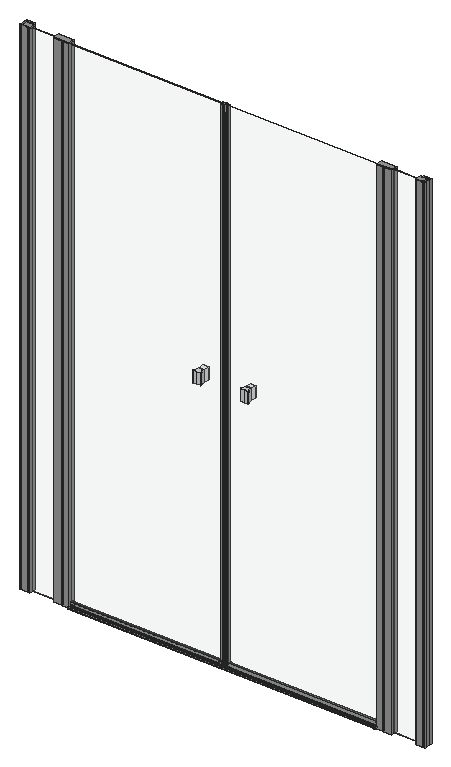
Revit family "Sanitary_Shower-screens_Duscholux_D2Swing_Two-fixed-segments+pivot-twin-doors-shower", category Aparatos sanitarios, Revit 2019
Family settings
  Cota de conector redondo = Diámetro de uso
  Tipo de pieza = Normal
  Número OmniClass = 23.45.00.00
  Título OmniClass = Sanitary, Laundry, and Cleaning Equipment
  Se basa en plano de trabajo = No
  Siempre vertical = Sí
  Corte con vacíos al cargar = No
  Compartido = No
  Punto de cálculo de habitación = No
Parameters (values of type "Shiny Silver Aluminium Finish")
  Width fixed segment = 180 mm
  Width = 1600 mm
  Visibility Wall Support = if(Min Max Width fixed segment < 240 mm, 2 < 1, 2 > 1)  # no
  URL = "http://www.duscholux.es/"
  Thickness Glass = 5 mm  # constant formula
  Technical Inspection Certificate (Applus) = "https://www.duscholux.es/es/Descargas/"
  Series = "D2"
  Ref. = "S3C"
  Products = "http://www.duscholux.es/mamparas_filtro.aspx?es"
  Opening right angle = 0.00°
  Opening left angle = 0.00°
  Opening System Image = "http://blob.duscholux.es/pluma512/FD2f2pabatible180.gif"
  Opening System = "Pivot Doors"
  Modelo = "D2 Swing"
  Min Max Width fixed segment = if(Width fixed segment < 180 mm, 180 mm, if(Width fixed segment > 450 mm, 450 mm, Width fixed segment))  # 180 mm
  Min Max Width = if(Width < 1200 mm, 1200 mm, if(Width > 2000 mm, 2000 mm, Width))  # 1600 mm
  Max Height = if(Height > 2000 mm, 2000 mm, Height)  # 2000 mm
  Maintenance and Cleaning = "https://www.duscholux.es/es/Cuidado-y-limpieza/"
  Image = "https://www.duscholux.es/medium/D2_SWING_FD_2F_2P_PLATA_AI.jpg?m=7416&w=960&h=768&g=0"
  Height = 2000 mm
  Handle Material = Zamac_Duscholux Material-Chrome Finish
  Handle Height = Max Height / 2  # 1000 mm
  Glass in Building UNE EN 12150 = "CE Conformity marking"
  Glass Material = Glass_Material-Duscholux
  Frame Material = Anodized Aluminium_Duscholux Material-Shiny Silver Finish
  Fact Sheet = "https://www.duscholux.es/es/Producto/D2-Swing-Frontal-para-ducha-de-2-fijos-2-puertas-abatibles-180%C2%BA"
  Fabricante = "Duscholux Ibérica, S.A."
  Environmental Management ISO 14001 = "ECOEMBES Certificate"
  Door aperture = (Min Max Width / 2) - Width fixed segment  # 620 mm
  Descripción = "2 fixed segments + pivot twin doors at 180º for shower"
  Código de montaje = "C1030200"
  Configuration enclosure = "http://configuratumampara.duscholux.es/eCatalogo.aspx"
  Components = "Eropean components"
  Type Comments = ""
  Combinations = "Lateral 90°"
  Certified Quality UNE EN 14428 = "http://www.duscholux.es/duscholux_downloads.aspx?es"
  Accesories Material = Plastic_Duscholux Material-Gray Finish
Types (4, lengths in mm): name | Handle Material | Frame Material | Accesories Material
  (no name) | Zamac_Duscholux Material-Chrome Finish | Anodized Aluminium_Duscholux Material-Shiny Silver Finish | Plastic_Duscholux Material-Gray Finish
  Matte Silver Aluminium Finish | Zamac_Duscholux Material-Matte Silver Finish | Anodized Aluminium_Duscholux Material-Matte Silver Finish | Plastic_Duscholux Material-Gray Finish
  Shiny Silver Aluminium Finish | Zamac_Duscholux Material-Chrome Finish | Anodized Aluminium_Duscholux Material-Shiny Silver Finish | Plastic_Duscholux Material-Gray Finish
  Black Aluminium Finish | Anodized Aluminium_Duscholux Material-Black Finish | Anodized Aluminium_Duscholux Material-Black Finish | Plastic_Duscholux Material-Black Finish
Reference planes
  plane 1 "Centro (Frontal/Posterior)": y = 0
  plane 2: z = 0
  plane 3 "Centro (Izquierda/Derecha)": x = 0
  plane 4: x = 180
  plane 5: z = 2000
  plane 6: z = 1000
  plane 7: z = 0
  plane 8: z = 8
  plane 9: y = -15.3
  plane 10: x = 800
  plane 11: z = 1996
  plane 12: x = 1600
  plane 13: x = 1420
  plane 14: y = 2.5
  plane 15: y = 2.5
  plane 16: y = -2.5
  plane 17: z = 1992
  plane 18: z = 6
Forms (mm)
  Extrusion 1, solid, material "Plástico, transparente"
    sketch origin (180, 0, 0) x (1, 0, 0) y (0, 1, 0)
      loop
        arc (618.531, 6.231) -> (614.357, 6.175) -> (610.886, 3.855) r 7.349
        line (610.886, 3.855) -> (606.563, 3.855) -> (606.563, 2.855) -> (611.6, 2.855) -> (611.6, -2.855) -> (606.563, -2.855) -> (606.563, -3.855) -> (610.886, -3.855)
        arc (610.886, -3.855) -> (614.365, -6.175) -> (618.547, -6.226) r 7.362
        arc (618.547, -6.226) -> (619.598, -5.51) -> (620, -4.303) r 1.989
        line (620, -4.303) -> (620, 4.303)
        arc (620, 4.303) -> (619.591, 5.515) -> (618.531, 6.231) r 2
    from 0 to 1992
  Extrusion 2, solid, material "Glass_Material-Duscholux" <- "Glass Material"
    sketch origin (180, 0, 0) x (1, 0, 0) y (0, 1, 0)
      loop
        line (-2.879, 2.5) -> (-2.879, -2.5) -> (611.6, -2.5) -> (611.6, 2.5) -> (-2.879, 2.5)
    from 8 to 1992
  Extrusion 3, solid, material "Glass_Material-Duscholux" <- "Glass Material"
    sketch origin (0, 2.21, 0) x (1, 0, 0) y (0, 1, 0)
      loop
        line (23.523, 0.29) -> (23.523, -4.71) -> (148.322, -4.71) -> (148.322, 0.29) -> (23.523, 0.29)
    from 0 to 1996
  Extrusion 4, solid, material "Glass_Material-Duscholux" <- "Glass Material"
    sketch origin (1573.567, 2.21, 0) x (1, 0, 0) y (0, 1, 0)
      loop
        line (-121.889, 0.29) -> (-121.889, -4.71) -> (2.91, -4.71) -> (2.91, 0.29) -> (-121.889, 0.29)
    from 0 to 1996
  Extrusion 5, solid, material "Glass_Material-Duscholux" <- "Glass Material"
    sketch origin (1420, 0, 0) x (-1, 0, 0) y (0, -1, 0)
      loop
        line (611.6, -2.5) -> (611.6, 2.5) -> (-2.879, 2.5) -> (-2.879, -2.5) -> (611.6, -2.5)
    from 8 to 1992
  Extrusion 6, solid, material "Plástico, transparente"
    sketch origin (1420, 0, 0) x (-1, 0, 0) y (0, -1, 0)
      loop
        arc (618.531, -6.231) -> (619.591, -5.515) -> (620.031, -4.303) r 2
        line (620.031, -4.303) -> (620, 4.303)
        arc (620, 4.303) -> (619.598, 5.51) -> (618.547, 6.226) r 1.989
        arc (618.547, 6.226) -> (614.365, 6.175) -> (610.886, 3.855) r 7.362
        line (610.886, 3.855) -> (606.563, 3.855) -> (606.563, 2.855) -> (611.6, 2.855) -> (611.6, -2.855) -> (606.563, -2.855) -> (606.563, -3.855) -> (610.886, -3.855)
        arc (610.886, -3.855) -> (614.357, -6.175) -> (618.531, -6.231) r 7.349
    from 0 to 1992
  Extrusion 7, solid, material "Anodized Aluminium_Duscholux Material-Shiny Silver Finish" <- "Frame Material", detail levels fine
    sketch origin (0, 48.661, 0) x (0, 1, 0) y (0, 0, 1)
      loop
        line (-65.232, 0) -> (-55.632, 0) -> (-55.632, 3)
        arc (-55.632, 3) -> (-56.217, 4.414) -> (-57.632, 5) r 2
        line (-57.632, 5) -> (-63.232, 5)
        arc (-63.232, 5) -> (-64.646, 4.414) -> (-65.232, 3) r 2
        line (-65.232, 3) -> (-65.232, 0)
    from 192.121 to 1407.879
  Extrusion 8, solid, material "Anodized Aluminium_Duscholux Material-Shiny Silver Finish" <- "Frame Material"
    sketch origin (0, 0, 0) x (1, 0, 0) y (0, 1, 0)
      loop
        line (31.022, 19.101) -> (0, 19.101) -> (0, 10.795) -> (1.8, 10.795) -> (1.8, -11.392) -> (0, -11.392) -> (0, -13.192) -> (31.022, -13.192) -> (31.022, -11.799) -> (3.1, -11.799) -> (3.1, 11.801) -> (31.022, 11.801) -> (31.022, 19.101)
    from 0 to 2000
  Extrusion 9, solid, material "Anodized Aluminium_Duscholux Material-Shiny Silver Finish" <- "Frame Material"
    sketch origin (0, 0, 0) x (1, 0, 0) y (0, 1, 0)
      loop
        line (133.322, 11.5) -> (133.322, 3.35) -> (148.322, 3.35) -> (148.322, -3.35) -> (133.322, -3.35) -> (133.322, -11.5) -> (163.432, -11.5) -> (163.432, -10.023) -> (164.058, -10.648)
        arc (164.058, -10.648) -> (165.114, -10.929) -> (165.329, -9.857) r 0.75
        arc (165.329, -9.857) -> (162.325, 0.003) -> (165.333, 9.862) r 17.675
        arc (165.333, 9.862) -> (165.116, 10.929) -> (164.062, 10.656) r 0.75
        line (164.062, 10.656) -> (163.432, 10.026) -> (163.432, 11.5) -> (133.322, 11.5)
    from 0 to 1996
  Extrusion 10, solid, material "Anodized Aluminium_Duscholux Material-Shiny Silver Finish" <- "Frame Material"
    sketch origin (0, 0, 0) x (1, 0, 0) y (0, 1, 0)
      loop
        line (1600, 19.101) -> (1568.978, 19.101) -> (1568.978, 11.801) -> (1596.9, 11.801) -> (1596.9, -11.799) -> (1568.978, -11.799) -> (1568.978, -13.192) -> (1600, -13.192) -> (1600, -11.392) -> (1598.2, -11.392) -> (1598.2, 10.795) -> (1600, 10.795) -> (1600, 19.101)
    from 0 to 2000
  Extrusion 11, solid, material "Anodized Aluminium_Duscholux Material-Shiny Silver Finish" <- "Frame Material"
    sketch origin (0, 0, 0) x (1, 0, 0) y (0, 1, 0)
      loop
        line (1591.61, 11.501) -> (1561.5, 11.501) -> (1561.5, 3.349) -> (1576.477, 3.349) -> (1576.477, -3.349) -> (1561.5, -3.349) -> (1561.5, -11.499) -> (1591.61, -11.499) -> (1591.206, -10.199) -> (1584.3, -10.199) -> (1584.3, 10.201) -> (1591.206, 10.201) -> (1591.61, 11.501)
    from 0 to 1996
  Extrusion 12, solid, material "Anodized Aluminium_Duscholux Material-Shiny Silver Finish" <- "Frame Material"
    sketch origin (0, 0, 0) x (1, 0, 0) y (0, 1, 0)
      loop
        line (1436.568, 11.5) -> (1436.568, 10.026) -> (1435.938, 10.656)
        arc (1435.938, 10.656) -> (1434.884, 10.929) -> (1434.667, 9.862) r 0.75
        arc (1434.667, 9.862) -> (1437.675, 0.003) -> (1434.671, -9.857) r 17.675
        arc (1434.671, -9.857) -> (1434.886, -10.929) -> (1435.942, -10.648) r 0.75
        line (1435.942, -10.648) -> (1436.568, -10.023) -> (1436.568, -11.5) -> (1466.678, -11.5) -> (1466.678, -3.35) -> (1451.678, -3.35) -> (1451.678, 3.35) -> (1466.678, 3.35) -> (1466.678, 11.5) -> (1436.568, 11.5)
    from 0 to 1996
  Extrusion 13, solid, material "Anodized Aluminium_Duscholux Material-Shiny Silver Finish" <- "Frame Material"
    sketch origin (0, 0, 0) x (1, 0, 0) y (0, 1, 0)
      loop
        line (38.5, 11.501) -> (8.39, 11.501) -> (8.794, 10.201) -> (15.7, 10.201) -> (15.7, -10.199) -> (8.794, -10.199) -> (8.39, -11.499) -> (38.523, -11.499) -> (38.523, -3.349) -> (23.523, -3.349) -> (23.523, 3.349) -> (38.5, 3.349) -> (38.5, 11.501)
    from 0 to 1996
  Extrusion 14, solid, material "Anodized Aluminium_Duscholux Material-Shiny Silver Finish" <- "Frame Material"
    sketch origin (180, 0, 0) x (1, 0, 0) y (0, 1, 0)
      loop
        arc (-11.626, 11.499) -> (-12.99, 11.17) -> (-14.056, 10.257) r 3
        arc (-14.056, 10.257) -> (-17.379, -0.001) -> (-14.056, -10.26) r 17.5
        arc (-14.056, -10.26) -> (-12.99, -11.173) -> (-11.626, -11.501) r 3
        line (-11.626, -11.501) -> (12.121, -11.501) -> (12.121, -3.349) -> (-2.879, -3.349) -> (-2.879, 3.349) -> (12.121, 3.349) -> (12.121, 11.499) -> (-11.626, 11.499)
    from 0 to 1996
  Extrusion 15, solid, material "Anodized Aluminium_Duscholux Material-Shiny Silver Finish" <- "Frame Material"
    sketch origin (1420, 0, 0) x (-1, 0, 0) y (0, -1, 0)
      loop
        line (-11.626, -11.499) -> (12.121, -11.499) -> (12.121, -3.349) -> (-2.879, -3.349) -> (-2.879, 3.349) -> (12.121, 3.349) -> (12.121, 11.501) -> (-11.626, 11.501)
        arc (-11.626, 11.501) -> (-12.99, 11.173) -> (-14.056, 10.26) r 3
        arc (-14.056, 10.26) -> (-17.379, 0.001) -> (-14.056, -10.257) r 17.5
        arc (-14.056, -10.257) -> (-12.99, -11.17) -> (-11.626, -11.499) r 3
    from 0 to 1996
  Extrusion 16, solid, material "Anodized Aluminium_Duscholux Material-Shiny Silver Finish" <- "Frame Material"
    sketch origin (0, 0, 0) x (1, 0, 0) y (0, 1, 0)
      loop
        line (8.39, 11.501) -> (8.39, -11.499) -> (38.523, -11.499) -> (38.523, 11.501) -> (8.39, 11.501)
    from 1996 to 2000
  Extrusion 17, solid, material "Anodized Aluminium_Duscholux Material-Shiny Silver Finish" <- "Frame Material"
    sketch origin (0, 0, 0) x (1, 0, 0) y (0, 1, 0)
      loop
        line (133.322, 11.5) -> (133.322, -11.501) -> (192.121, -11.501) -> (192.121, 11.5) -> (133.322, 11.5)
    from 1996 to 2000
  Extrusion 18, solid, material "Anodized Aluminium_Duscholux Material-Shiny Silver Finish" <- "Frame Material"
    sketch origin (0, 0, 0) x (1, 0, 0) y (0, 1, 0)
      loop
        line (1407.879, 11.499) -> (1407.879, -11.5) -> (1466.678, -11.5) -> (1466.678, 11.499) -> (1407.879, 11.499)
    from 1996 to 2000
  Extrusion 19, solid, material "Anodized Aluminium_Duscholux Material-Shiny Silver Finish" <- "Frame Material"
    sketch origin (0, 0, 0) x (1, 0, 0) y (0, 1, 0)
      loop
        line (1561.5, 11.501) -> (1561.5, -11.499) -> (1591.61, -11.499) -> (1591.61, 11.501) -> (1561.5, 11.501)
    from 1996 to 2000
Lines and regions (mm)
  reference lines
    curve 1: line (180, 0, 0) -> (800, 0, 0)
    curve 2: line (1420, 0, 0) -> (800, 0, 0)
  symbolic lines
    curve 3: line (180, 0, 0) -> (180, 620, 0)
    curve 4: line (180, 0, 0) -> (180, -620, 0)
    curve 5: arc (180, 620, 0) -> (800, 0, 0) -> (180, -620, 0) r 620
    curve 6: line (1420, 0, 0) -> (1420, 620, 0)
    curve 7: line (1420, 0, 0) -> (1420, -620, 0)
    curve 8: arc (1420, 620, 0) -> (800, 0, 0) -> (1420, -620, 0) r 620
Dimensions and locks
  "Min Max Width fixed segment": plane 3 "Centro (Izquierda/Derecha)" to plane 4
  plane 8 to level = 8 mm
  "Max Height": plane 5 to level
  "Min Max Width": plane 3 "Centro (Izquierda/Derecha)" to plane 12
  "Handle Height": plane 6 to level
  locked: plane 5 to plane 11 at 4
  equal spacing: plane 3 "Centro (Izquierda/Derecha)", plane 10, plane 12
  "Door aperture": curve 1 to curve 1
  locked: plane 5 to plane 17 at 8
  "Min Max Width fixed segment": plane 13 to plane 12
  "Door aperture": curve 2 to curve 2
  locked: plane 18 to plane 7 at 6
  "Door aperture": curve 3 to curve 3
  "Door aperture": curve 4 to curve 4
  "Door aperture": curve 6 to curve 6
  "Door aperture": plane 1 "Centro (Frontal/Posterior)" to curve 7
  locked: plane 4 to Extrusion 7 at 12.121
  locked: Extrusion 7 to plane 13 at 12.121
  locked: nested 3 to Extrusion 2 at 85
  locked: nested 8 to Extrusion 2 at 85
  locked: Extrusion 5 to nested 4 at 85
  locked: Extrusion 5 to nested 7 at 85
  "Opening left angle": angle curve 1 to plane 1 "Centro (Frontal/Posterior)"
  "Opening right angle": angle plane 1 "Centro (Frontal/Posterior)" to curve 2
  aligned and locked: level to plane 2
  aligned and locked: plane 1 "Centro (Frontal/Posterior)" to curve 1
  aligned and locked: Extrusion 1 to plane 7
  aligned and locked: Extrusion 1 to Extrusion 2
  aligned and locked: Extrusion 2 to plane 8
  aligned and locked: nested 1 to Extrusion 1
  aligned and locked: plane 17 to Extrusion 2
  aligned and locked: plane 13 to curve 2
  aligned and locked: plane 17 to Extrusion 5
  aligned and locked: Extrusion 5 to plane 8
  aligned and locked: plane 17 to Extrusion 6
  aligned and locked: Extrusion 6 to nested 2
  aligned and locked: plane 4 to curve 1
  aligned and locked: Extrusion 3 to Extrusion 9
  aligned and locked: Extrusion 4 to Extrusion 11
  aligned and locked: Extrusion 4 to Extrusion 12
  aligned and locked: Extrusion 3 to Extrusion 13
  aligned and locked: Extrusion 2 to Extrusion 14
  aligned and locked: Extrusion 5 to Extrusion 15
  aligned and locked: plane 5 to Extrusion 8
  aligned and locked: plane 11 to Extrusion 13
  aligned and locked: plane 11 to Extrusion 9
  aligned and locked: plane 11 to Extrusion 14
  aligned and locked: plane 11 to Extrusion 15
  aligned and locked: plane 11 to Extrusion 12
  aligned and locked: plane 11 to Extrusion 3
  aligned and locked: plane 5 to Extrusion 10
  aligned and locked: plane 11 to Extrusion 11
  aligned and locked: Extrusion 19 to plane 11
  aligned and locked: Extrusion 18 to plane 11
  aligned and locked: Extrusion 17 to plane 11
  aligned and locked: Extrusion 16 to plane 11
  aligned and locked: plane 5 to Extrusion 16
  aligned and locked: plane 5 to Extrusion 17
  aligned and locked: plane 5 to Extrusion 19
  aligned and locked: plane 5 to Extrusion 18
  aligned and locked: plane 6 to nested 4
  aligned and locked: plane 6 to nested 3
  aligned and locked: nested 5 to plane 1 "Centro (Frontal/Posterior)"
  aligned and locked: plane 1 "Centro (Frontal/Posterior)" to nested 6
  aligned and locked: plane 11 to nested 5
  aligned and locked: plane 11 to Extrusion 4
  aligned and locked: nested 6 to plane 11
  aligned and locked: plane 6 to nested 8
  aligned and locked: plane 6 to nested 7
  aligned and locked: nested 6 to plane 12
Automatic sketch dimensions
  curve 1 to Extrusion 1 sketch curve = 0 mm
  Extrusion 1 sketch curve to curve 1 = 4.303 mm
  curve 1 to Extrusion 1 sketch curve = 4.303 mm
  Extrusion 1 sketch curve to curve 1 = 1.989 mm
  Extrusion 1 sketch curve to Extrusion 1 sketch curve = 2 mm
  Extrusion 1 sketch curve to curve 1 = 0.857 mm
  Extrusion 1 sketch curve to curve 1 = 3.458 mm
  curve 1 to Extrusion 1 sketch curve = 0.843 mm
  Extrusion 1 sketch curve to Extrusion 1 sketch curve = 0.004 mm
  Extrusion 1 sketch curve to Extrusion 1 sketch curve = 4.938 mm
  Extrusion 1 sketch curve to Extrusion 1 sketch curve = 0.714 mm  (x2)
  Extrusion 1 sketch curve to Extrusion 1 sketch curve = 4.323 mm  (x2)
  Extrusion 1 sketch curve to curve 1 = 4.311 mm
  curve 1 to Extrusion 1 sketch curve = 3.855 mm
  Extrusion 1 sketch curve to Extrusion 1 sketch curve = 1 mm  (x2)
  Extrusion 1 sketch curve to curve 1 = 2.855 mm
  Extrusion 2 sketch curve to curve 1 = 2.879 mm
  curve 1 to Extrusion 2 sketch curve = 2.5 mm
  Extrusion 2 sketch curve to curve 1 = 8.4 mm
  Extrusion 2 sketch curve to curve 1 = 2.5 mm
  Extrusion 3 sketch curve to plane 16 = 0 mm
  plane 3 "Centro (Izquierda/Derecha)" to Extrusion 3 sketch curve = 23.523 mm
  plane 4 to Extrusion 3 sketch curve = 31.678 mm
  Extrusion 3 sketch curve to plane 1 "Centro (Frontal/Posterior)" = 2.5 mm
  Extrusion 4 sketch curve to plane 16 = 0 mm
  plane 13 to Extrusion 4 sketch curve = 31.678 mm
  Extrusion 4 sketch curve to plane 12 = 23.523 mm
  Extrusion 4 sketch curve to plane 1 "Centro (Frontal/Posterior)" = 2.5 mm
  Extrusion 5 sketch curve to curve 2 = 2.879 mm
  Extrusion 5 sketch curve to curve 2 = 2.5 mm
  Extrusion 5 sketch curve to curve 2 = 8.4 mm
  curve 2 to Extrusion 5 sketch curve = 2.5 mm
  curve 2 to Extrusion 6 sketch curve = 0 mm  (x2)
  Extrusion 6 sketch curve to curve 2 = 4.303 mm  (x2)
  curve 2 to Extrusion 6 sketch curve = 4.303 mm  (x2)
  Extrusion 6 sketch curve to curve 2 = 1.989 mm
  Extrusion 6 sketch curve to Extrusion 6 sketch curve = 2 mm
  curve 2 to Extrusion 6 sketch curve = 0.857 mm
  Extrusion 6 sketch curve to curve 2 = 3.458 mm
  Extrusion 6 sketch curve to curve 2 = 0.843 mm
  Extrusion 6 sketch curve to Extrusion 6 sketch curve = 0.004 mm
  Extrusion 6 sketch curve to Extrusion 6 sketch curve = 4.938 mm
  Extrusion 6 sketch curve to Extrusion 6 sketch curve = 0.714 mm  (x2)
  Extrusion 6 sketch curve to Extrusion 6 sketch curve = 4.323 mm  (x2)
  curve 2 to Extrusion 6 sketch curve = 3.855 mm
  Extrusion 6 sketch curve to Extrusion 6 sketch curve = 1 mm  (x2)
  Extrusion 6 sketch curve to curve 2 = 2.855 mm
  Extrusion 6 sketch curve to Extrusion 6 sketch curve = 0.008 mm
  curve 2 to Extrusion 6 sketch curve = 0.031 mm
  Extrusion 7 sketch curve to level = 0 mm
  plane 9 to Extrusion 7 sketch curve = 1.27 mm
  Extrusion 7 sketch curve to Extrusion 7 sketch curve = 2 mm  (x2)
  Extrusion 7 sketch curve to Extrusion 7 sketch curve = 5.6 mm
  level to Extrusion 7 sketch curve = 3 mm
  Extrusion 8 sketch curve to plane 3 "Centro (Izquierda/Derecha)" = 0 mm  (x2)
  plane 3 "Centro (Izquierda/Derecha)" to Extrusion 8 sketch curve = 1.8 mm
  Extrusion 8 sketch curve to Extrusion 8 sketch curve = 1.3 mm
  Extrusion 8 sketch curve to plane 9 = 3.501 mm
  Extrusion 8 sketch curve to plane 9 = 2.108 mm
  Extrusion 8 sketch curve to Extrusion 8 sketch curve = 0.407 mm
  Extrusion 8 sketch curve to Extrusion 8 sketch curve = 7.3 mm
  Extrusion 9 sketch curve to plane 4 = 0 mm
  plane 14 to Extrusion 9 sketch curve = 7.793 mm
  plane 4 to Extrusion 9 sketch curve = 15.281 mm
  Extrusion 9 sketch curve to plane 9 = 5.008 mm
  plane 4 to Extrusion 9 sketch curve = 15.282 mm
  Extrusion 9 sketch curve to plane 9 = 4.652 mm
  Extrusion 9 sketch curve to Extrusion 9 sketch curve = 0.66 mm
  Extrusion 9 sketch curve to plane 9 = 5.277 mm
  Extrusion 9 sketch curve to Extrusion 9 sketch curve = 0.625 mm
  Extrusion 9 sketch curve to Extrusion 9 sketch curve = 1.286 mm
  plane 14 to Extrusion 9 sketch curve = 0.85 mm
  Extrusion 9 sketch curve to Extrusion 9 sketch curve = 15.11 mm
  Extrusion 9 sketch curve to plane 9 = 3.8 mm
  Extrusion 9 sketch curve to Extrusion 9 sketch curve = 15 mm
  Extrusion 9 sketch curve to Extrusion 9 sketch curve = 0 mm
  Extrusion 9 sketch curve to plane 16 = 0.85 mm
  plane 1 "Centro (Frontal/Posterior)" to Extrusion 9 sketch curve = 0 mm
  Extrusion 9 sketch curve to Extrusion 9 sketch curve = 1.207 mm
  Extrusion 9 sketch curve to Extrusion 9 sketch curve = 0.614 mm
  Extrusion 9 sketch curve to Extrusion 9 sketch curve = 0.611 mm
  Extrusion 9 sketch curve to Extrusion 9 sketch curve = 0.657 mm
  plane 14 to Extrusion 9 sketch curve = 7.526 mm
  Extrusion 10 sketch curve to plane 12 = 0 mm  (x2)
  Extrusion 10 sketch curve to Extrusion 10 sketch curve = 1.8 mm  (x2)
  Extrusion 10 sketch curve to Extrusion 10 sketch curve = 1.3 mm
  Extrusion 10 sketch curve to plane 9 = 3.501 mm
  Extrusion 10 sketch curve to Extrusion 10 sketch curve = 27.922 mm
  plane 14 to Extrusion 10 sketch curve = 9.301 mm
  Extrusion 10 sketch curve to Extrusion 10 sketch curve = 0 mm
  Extrusion 10 sketch curve to Extrusion 10 sketch curve = 1.393 mm
  Extrusion 10 sketch curve to Extrusion 10 sketch curve = 1.007 mm
  Extrusion 10 sketch curve to Extrusion 10 sketch curve = 7.3 mm
  Extrusion 11 sketch curve to plane 16 = 0.849 mm
  Extrusion 11 sketch curve to plane 12 = 38.5 mm
  Extrusion 11 sketch curve to Extrusion 11 sketch curve = 0 mm
  Extrusion 11 sketch curve to Extrusion 11 sketch curve = 14.977 mm
  Extrusion 11 sketch curve to Extrusion 11 sketch curve = 7.823 mm
  Extrusion 11 sketch curve to plane 9 = 3.801 mm
  plane 14 to Extrusion 11 sketch curve = 0.849 mm
  plane 14 to Extrusion 11 sketch curve = 7.701 mm
  Extrusion 11 sketch curve to Extrusion 11 sketch curve = 8.153 mm
  Extrusion 11 sketch curve to Extrusion 11 sketch curve = 6.906 mm  (x2)
  Extrusion 11 sketch curve to Extrusion 11 sketch curve = 0.404 mm  (x2)
  Extrusion 11 sketch curve to Extrusion 11 sketch curve = 1.3 mm
  Extrusion 12 sketch curve to plane 13 = 0 mm
  plane 14 to Extrusion 12 sketch curve = 7.793 mm
  plane 13 to Extrusion 12 sketch curve = 15.281 mm
  Extrusion 12 sketch curve to plane 9 = 5.008 mm
  Extrusion 12 sketch curve to Extrusion 12 sketch curve = 0.657 mm
  Extrusion 12 sketch curve to Extrusion 12 sketch curve = 0.63 mm
  Extrusion 12 sketch curve to Extrusion 12 sketch curve = 1.285 mm
  plane 14 to Extrusion 12 sketch curve = 0.85 mm
  Extrusion 12 sketch curve to Extrusion 12 sketch curve = 15.11 mm
  Extrusion 12 sketch curve to plane 16 = 0.85 mm
  Extrusion 12 sketch curve to Extrusion 12 sketch curve = 15 mm
  Extrusion 12 sketch curve to Extrusion 12 sketch curve = 0 mm
  Extrusion 12 sketch curve to plane 9 = 3.8 mm
  plane 1 "Centro (Frontal/Posterior)" to Extrusion 12 sketch curve = 0 mm
  Extrusion 12 sketch curve to Extrusion 12 sketch curve = 0.267 mm
  Extrusion 12 sketch curve to Extrusion 12 sketch curve = 0.363 mm
  Extrusion 12 sketch curve to Extrusion 12 sketch curve = 8.15 mm
  Extrusion 12 sketch curve to Extrusion 12 sketch curve = 0.614 mm
  Extrusion 12 sketch curve to Extrusion 12 sketch curve = 0.611 mm
  Extrusion 12 sketch curve to plane 9 = 4.652 mm
  Extrusion 12 sketch curve to Extrusion 12 sketch curve = 0.66 mm
  Extrusion 12 sketch curve to plane 9 = 5.277 mm
  Extrusion 8 sketch curve to Extrusion 8 sketch curve = 1.007 mm
  plane 14 to Extrusion 8 sketch curve = 8.295 mm
  Extrusion 8 sketch curve to Extrusion 8 sketch curve = 27.922 mm  (x2)
  Extrusion 13 sketch curve to plane 9 = 5.101 mm
  plane 3 "Centro (Izquierda/Derecha)" to Extrusion 13 sketch curve = 15.7 mm
  plane 14 to Extrusion 13 sketch curve = 0.849 mm
  Extrusion 13 sketch curve to Extrusion 13 sketch curve = 7.823 mm
  Extrusion 13 sketch curve to Extrusion 13 sketch curve = 14.977 mm
  Extrusion 13 sketch curve to plane 16 = 0.849 mm
  Extrusion 13 sketch curve to Extrusion 13 sketch curve = 0.023 mm
  Extrusion 13 sketch curve to plane 9 = 3.801 mm
  plane 14 to Extrusion 13 sketch curve = 7.701 mm
  Extrusion 13 sketch curve to Extrusion 13 sketch curve = 6.906 mm  (x2)
  Extrusion 13 sketch curve to Extrusion 13 sketch curve = 0.404 mm  (x2)
  Extrusion 13 sketch curve to Extrusion 13 sketch curve = 8.153 mm
  Extrusion 14 sketch curve to curve 1 = 2.879 mm
  curve 1 to Extrusion 14 sketch curve = 12.121 mm
  curve 1 to Extrusion 14 sketch curve = 3.349 mm  (x2)
  Extrusion 14 sketch curve to Extrusion 14 sketch curve = 0 mm  (x2)
  Extrusion 14 sketch curve to Extrusion 14 sketch curve = 8.15 mm
  Extrusion 14 sketch curve to curve 1 = 11.626 mm  (x2)
  curve 1 to Extrusion 14 sketch curve = 11.501 mm
  Extrusion 14 sketch curve to Extrusion 14 sketch curve = 3 mm
  Extrusion 14 sketch curve to Extrusion 14 sketch curve = 2.43 mm  (x2)
  curve 1 to Extrusion 14 sketch curve = 0.001 mm
  Extrusion 15 sketch curve to curve 2 = 2.879 mm
  curve 2 to Extrusion 15 sketch curve = 12.121 mm
  Extrusion 15 sketch curve to Extrusion 15 sketch curve = 0 mm  (x2)
  curve 2 to Extrusion 15 sketch curve = 11.499 mm
  curve 2 to Extrusion 15 sketch curve = 3.349 mm  (x2)
  Extrusion 15 sketch curve to curve 2 = 11.626 mm  (x2)
  Extrusion 15 sketch curve to Extrusion 15 sketch curve = 8.153 mm
  Extrusion 15 sketch curve to Extrusion 15 sketch curve = 3 mm  (x2)
  Extrusion 15 sketch curve to Extrusion 15 sketch curve = 2.43 mm  (x2)
  Extrusion 16 sketch curve to plane 9 = 3.801 mm
  plane 3 "Centro (Izquierda/Derecha)" to Extrusion 16 sketch curve = 8.39 mm
  Extrusion 16 sketch curve to Extrusion 16 sketch curve = 30.133 mm
  plane 14 to Extrusion 16 sketch curve = 9.001 mm
  Extrusion 17 sketch curve to plane 9 = 3.799 mm
  plane 4 to Extrusion 17 sketch curve = 46.678 mm
  Extrusion 17 sketch curve to plane 4 = 12.121 mm
  plane 14 to Extrusion 17 sketch curve = 9 mm
  Extrusion 18 sketch curve to plane 9 = 3.8 mm
  Extrusion 18 sketch curve to plane 13 = 12.121 mm
  plane 13 to Extrusion 18 sketch curve = 46.678 mm
  plane 14 to Extrusion 18 sketch curve = 8.999 mm
  Extrusion 19 sketch curve to plane 9 = 3.801 mm
  Extrusion 19 sketch curve to plane 12 = 38.5 mm
  Extrusion 19 sketch curve to plane 12 = 8.39 mm
  plane 14 to Extrusion 19 sketch curve = 9.001 mm
  curve 3 to plane 4 = 0 mm
  plane 1 "Centro (Frontal/Posterior)" to curve 6 = 0 mm
  curve 6 to plane 13 = 0 mm
  plane 1 "Centro (Frontal/Posterior)" to curve 5 = 0 mm
  plane 1 "Centro (Frontal/Posterior)" to curve 2 = 0 mm
Nested families
  nested 1: "Lower-Guide" at (786.563, -1.856, 8) x (-1, 0, 0) z (0, 0, 1), type "Lower-Guide", detail levels fine
    with built-in parameter 1001306 1.9482 (stored number, unit not read)
  nested 2: "Lower-Guide" at (813.437, -1.246, 8), type "Lower-Guide", detail levels fine
    with built-in parameter 1001306 1.9503 (stored number, unit not read)
  nested 3: "Handle-ext-SWING" at (706.6, -2.5, 1000) x (-1, 0, 0) z (0, -1, 0), type "Handle-ext-SWING", detail levels medium+fine
  nested 4: "Handle-ext-SWING" at (893.4, -2.5, 1000) x (-1, 0, 0) z (0, -1, 0), type "Handle-ext-SWING", detail levels medium+fine
  nested 5: "Wall Support 45°v2" at (165, 0, 1996) x (0, 1, 0) z (0, 0, 1), type "Wall Support 45°v2"
    with Visibility no
  nested 6: "Wall Support 45°v2" at (1435, 0, 1996) x (0, 1, 0) z (0, 0, 1), type "Wall Support 45°v2"
    with Visibility no
  nested 7: "Handle-int-SWING" at (893.4, 2.5, 1000) x (1, 0, 0) z (0, 1, 0), type "Handle-int-SWING", detail levels medium+fine
  nested 8: "Handle-int-SWING" at (706.6, 2.5, 1000) x (1, 0, 0) z (0, 1, 0), type "Handle-int-SWING", detail levels medium+fine
Definition of nested family "Lower-Guide"
  Parameters (values of type "2353MA")
    built-in parameter 1001306 [instance] = 500 mm
  Reference planes
    plane 1 "Centro (Frontal/Posterior)": y = 0
    plane 2: z = 0
    plane 3 "Izquierda": x = 0
    plane 4 "Derecha": x = 500
    plane 5: z = 0
  Forms (mm)
    Extrusion 1, solid
      sketch origin (0, 0, 0) x (0, 1, 0) y (0, 0, 1)
        loop
          line (-4.2, 0) -> (-3, 12) -> (-4.5, 12) -> (-5.692, 0.15)
          arc (-5.692, 0.15) -> (-5.345, -0.968) -> (-4.3, -1.497) r 1.5
          line (-4.3, -1.497) -> (-4.3, -5.874)
          arc (-4.3, -5.874) -> (-3.9, -6.274) -> (-3.5, -5.874) r 0.4
          line (-3.5, -5.874) -> (-3.5, -1.5) -> (3.5, -1.5) -> (3.5, -7.653)
          arc (3.5, -7.653) -> (3.9, -8.053) -> (4.3, -7.653) r 0.4
          line (4.3, -7.653) -> (4.3, -1.508) -> (5.754, -1.508) -> (11.976, -3.947)
          arc (11.976, -3.947) -> (12.62, -3.771) -> (12.515, -3.111) r 0.5
          line (12.515, -3.111) -> (9.056, -1.58)
          arc (9.056, -1.58) -> (6.398, 0.585) -> (5.211, 3.802) r 6.5
          line (5.211, 3.802) -> (4.5, 12) -> (3, 12) -> (4.2, 0) -> (-4.2, 0)
      from 0 to 500
  Lines and regions (mm)
    reference lines
      curve 1: line (0, 0, 0) -> (500, 0, 0)
  Dimensions and locks
    "built-in parameter 1001306": plane 3 "Izquierda" to plane 4 "Derecha"
    aligned and locked: plane 4 "Derecha" to curve 1
    aligned and locked: plane 1 "Centro (Frontal/Posterior)" to curve 1
    aligned and locked: plane 3 "Izquierda" to curve 1
    aligned and locked: level to plane 2
    aligned and locked: plane 4 "Derecha" to Extrusion 1
  Automatic sketch dimensions
    Extrusion 1 sketch curve to level = 0 mm  (x2)
    Extrusion 1 sketch curve to Extrusion 1 sketch curve = 0.4 mm  (x3)
    Extrusion 1 sketch curve to Extrusion 1 sketch curve = 0 mm  (x2)
    Extrusion 1 sketch curve to Extrusion 1 sketch curve = 1.5 mm  (x2)
    Extrusion 1 sketch curve to Extrusion 1 sketch curve = 1.454 mm
    Extrusion 1 sketch curve to level = 1.58 mm
    Extrusion 1 sketch curve to Extrusion 1 sketch curve = 3.301 mm
    level to Extrusion 1 sketch curve = 4.364 mm
    Extrusion 1 sketch curve to Extrusion 1 sketch curve = 2.632 mm
    Extrusion 1 sketch curve to level = 3.947 mm
    Extrusion 1 sketch curve to Extrusion 1 sketch curve = 2.921 mm
    Extrusion 1 sketch curve to Extrusion 1 sketch curve = 0.224 mm
    Extrusion 1 sketch curve to level = 3.111 mm
    Extrusion 1 sketch curve to Extrusion 1 sketch curve = 0.315 mm
    Extrusion 1 sketch curve to level = 5.874 mm
    Extrusion 1 sketch curve to Extrusion 1 sketch curve = 1.778 mm
    Extrusion 1 sketch curve to level = 1.508 mm
    Extrusion 1 sketch curve to level = 1.5 mm
    Extrusion 1 sketch curve to Extrusion 1 sketch curve = 0.003 mm
    level to Extrusion 1 sketch curve = 12 mm
    level to Extrusion 1 sketch curve = 0.15 mm
    plane 1 "Centro (Frontal/Posterior)" to Extrusion 1 sketch curve = 3 mm
    plane 1 "Centro (Frontal/Posterior)" to Extrusion 1 sketch curve = 3.5 mm
    Extrusion 1 sketch curve to Extrusion 1 sketch curve = 0.1 mm  (x2)
    Extrusion 1 sketch curve to plane 1 "Centro (Frontal/Posterior)" = 3 mm
    Extrusion 1 sketch curve to plane 1 "Centro (Frontal/Posterior)" = 3.5 mm
    Extrusion 1 sketch curve to Extrusion 1 sketch curve = 0.799 mm
    level to Extrusion 1 sketch curve = 3.802 mm
Definition of nested family "Handle-ext-SWING"
  Parameters (values of type "Handle-ext-SWING")
    Long. tirador = 43.6 mm
    Handle Material = none
    Default Elevation = 1219.2 mm
  Reference planes
    plane 1 "Centro (Frontal/Posterior)": y = 0
    plane 2: z = 0
    plane 3 "Centro (Izquierda/Derecha)": x = 0
    plane 4: y = 21.8
    plane 5: y = -21.8
    plane 6: x = -9.5
    plane 7: x = 9.5
    plane 8: z = 0
    plane 9: z = 19.911
  Forms (mm)
    Extrusion 1, solid
      sketch origin (0, 0, 0) x (1, 0, 0) y (0, 1, 0)
        loop
          line (-1219.2, 1219.2) -> (-1219.2, -1219.2) -> (1219.2, -1219.2) -> (1219.2, 1219.2) -> (-1219.2, 1219.2)
      from 0 to -304.8
    Extrusion 2, solid
      sketch origin (0, 0, 0) x (1, 0, 0) y (0, 0, 1)
        loop
          line (14.376, 19.911) -> (0, 19.911) -> (-14.376, 19.911)
          arc (-14.376, 19.911) -> (-15.225, 19.559) -> (-15.576, 18.711) r 1.2
          line (-15.576, 18.711) -> (-15.576, 17.307)
          arc (-15.576, 17.307) -> (-10.99, 9.188) -> (-9.4, 0) r 27.336
          line (-9.4, 0) -> (0, 0) -> (9.4, 0)
          arc (9.4, 0) -> (10.99, 9.188) -> (15.576, 17.307) r 27.336
          line (15.576, 17.307) -> (15.576, 18.711)
          arc (15.576, 18.711) -> (15.225, 19.559) -> (14.376, 19.911) r 1.2
      from -21.8 to 21.8
  Dimensions and locks
    equal spacing: plane 4, plane 1 "Centro (Frontal/Posterior)", plane 5
    equal spacing: plane 6, plane 3 "Centro (Izquierda/Derecha)", plane 7
    plane 6 to plane 7 = 19 mm
    "Long. tirador": plane 4 to plane 5
    locked: plane 9 to Extrusion 1 at 19.911
    aligned and locked: plane 2 to Extrusion 1
    aligned and locked: level to Extrusion 1
    aligned and locked: plane 4 to Extrusion 2
    aligned and locked: Extrusion 2 to plane 5
  Automatic sketch dimensions
    Extrusion 1 sketch curve to Extrusion 1 sketch curve = 2438.4 mm  (x2)
    Extrusion 2 sketch curve to plane 3 "Centro (Izquierda/Derecha)" = 0 mm  (x2)
    Extrusion 2 sketch curve to plane 9 = 1.2 mm  (x2)
    plane 7 to Extrusion 2 sketch curve = 4.876 mm
    Extrusion 2 sketch curve to Extrusion 2 sketch curve = 1.404 mm
    Extrusion 2 sketch curve to level = 0 mm
    plane 7 to Extrusion 2 sketch curve = 27.236 mm
    plane 6 to Extrusion 2 sketch curve = 0.1 mm
    Extrusion 2 sketch curve to plane 6 = 27.236 mm
    Extrusion 2 sketch curve to plane 9 = 2.604 mm
    Extrusion 2 sketch curve to plane 9 = 0 mm
Definition of nested family "Handle-int-SWING"
  Parameters (values of type "Handle-int-SWING")
    Long. tirador = 43.6 mm
    Handle Material = none
    Default Elevation = 1219.2 mm
  Reference planes
    plane 1 "Centro (Frontal/Posterior)": y = 0
    plane 2: z = 0
    plane 3 "Centro (Izquierda/Derecha)": x = 0
    plane 4: y = 21.8
    plane 5: y = -21.8
    plane 6: z = 0
  Forms (mm)
    Extrusion 1, solid
      sketch origin (0, 0, 0) x (1, 0, 0) y (0, 1, 0)
        loop
          line (-1219.2, 1219.2) -> (-1219.2, -1219.2) -> (1219.2, -1219.2) -> (1219.2, 1219.2) -> (-1219.2, 1219.2)
      from 0 to -304.8
    Extrusion 2, solid, material <- "Handle Material"
      sketch origin (0, 0, 0) x (1, 0, 0) y (0, 0, 1)
        loop
          arc (-9.44, 20.3) -> (-10.324, 19.916) -> (-10.647, 19.008) r 1.21
          line (-10.647, 19.008) -> (-9.356, 0) -> (9.356, 0) -> (10.647, 19.008)
          arc (10.647, 19.008) -> (10.324, 19.916) -> (9.44, 20.3) r 1.21
          line (9.44, 20.3) -> (-9.44, 20.3)
      from -21.8 to 21.8
  Dimensions and locks
    equal spacing: plane 4, plane 1 "Centro (Frontal/Posterior)", plane 5
    "Long. tirador": plane 4 to plane 5
    aligned and locked: plane 2 to Extrusion 1
    aligned and locked: level to Extrusion 1
    aligned and locked: plane 4 to Extrusion 2
    aligned and locked: Extrusion 2 to plane 5
  Automatic sketch dimensions
    Extrusion 1 sketch curve to Extrusion 1 sketch curve = 2438.4 mm  (x2)
    level to Extrusion 2 sketch curve = 19.09 mm
    Extrusion 2 sketch curve to Extrusion 2 sketch curve = 1.21 mm  (x2)
    Extrusion 2 sketch curve to level = 0 mm
    plane 3 "Centro (Izquierda/Derecha)" to Extrusion 2 sketch curve = 9.356 mm
    plane 3 "Centro (Izquierda/Derecha)" to Extrusion 2 sketch curve = 9.44 mm
    Extrusion 2 sketch curve to Extrusion 2 sketch curve = 1.207 mm  (x2)
    Extrusion 2 sketch curve to plane 3 "Centro (Izquierda/Derecha)" = 9.356 mm
    Extrusion 2 sketch curve to plane 3 "Centro (Izquierda/Derecha)" = 9.44 mm
Definition of nested family "Wall Support 45°v2"
  Parameters (values of type "Wall Support 45°v2")
    Visibility = yes
    Lenght = 800 mm
    Frame Material = none
  Reference planes
    plane 1 "Center (Front/Back)": y = 0
    plane 2: z = 0
    plane 3 "Center (Left/Right)": x = 0
    plane 4: x = 800
    plane 5: through (26, 0, 1200) normal (-0.7071, 0.7071, 0)
    plane 6: y = 165
    plane 7: x = 176
  Forms (mm)
    Extrusion 1, solid, material <- "Frame Material", visible <- "Visibility"
      sketch origin (11.441, 0, 35.625) x (1, 0, 0) y (0, 0, 1)
        loop
          line (-22.941, -52.625) -> (-2.941, -52.625) -> (-2.941, -15.625) -> (-22.941, -15.625) -> (-22.941, -32.625) -> (-22.941, -52.625)
      from -8.5 to 8.5
    Extrusion 2, void
      sketch origin (0, 0, 0) x (1, 0, 0) y (0, 0, 1)
        loop
          line (-5, 0) -> (-5, -17) -> (5, -17) -> (5, 0) -> (-5, 0)
      from -8.5 to 8.5
    Extrusion 3, solid, material <- "Frame Material", visible <- "Visibility"
      sketch origin (0, 0, 0) x (1, 0, 0) y (0, 1, 0)
        loop
          line (8.5, -8.5) -> (11, -6) -> (11, 6) -> (8.5, 8.5) -> (8.5, -8.5)
      from -17 to 20
    Extrusion 4, solid, material <- "Frame Material", visible <- "Visibility"
      sketch origin (-113.058, -131.909, -43.851) x (-0.707107, 0.707107, 0) y (0, 0, 1)
        loop
          line (-9.555, 48.851) -> (-0.555, 48.851) -> (-0.555, 62.351) -> (-9.555, 62.351) -> (-9.555, 48.851)
      from 206.603 to 388.735
    Extrusion 5, solid, material <- "Frame Material", visible <- "Visibility"
      sketch origin (0, 0, 0) x (1, 0, 0) y (0, 1, 0)
        loop
          line (11, 6) -> (11, -6) -> (26, -6)
          arc (26, -6) -> (32, 0) -> (26, 6) r 6
          line (26, 6) -> (11, 6)
      from 14 to 20
    Extrusion 6, solid, material <- "Frame Material", visible <- "Visibility"
      sketch origin (44.385, 18.385, 0) x (-0.707107, -0.707107, 0) y (0.707107, -0.707107, 0)
        loop
          line (11, 6) -> (11, -6) -> (26, -6)
          arc (26, -6) -> (32, 0) -> (26, 6) r 6
          line (26, 6) -> (11, 6)
      from 5 to 14
    Extrusion 7, solid, material <- "Frame Material", visible <- "Visibility"
      sketch origin (0, 0, 0) x (1, 0, 0) y (0, 1, 0)
        loop
          line (32.364, 14.849) -> (23.515, 6) -> (26, 6)
          arc (26, 6) -> (31.543, 2.296) -> (30.243, -4.243) r 6
          line (30.243, -4.243) -> (40.849, 6.364) -> (32.364, 14.849)
      from 14 to 20
    Extrusion 8, solid, material <- "Frame Material", visible <- "Visibility"
      sketch origin (176, 176, 0) x (0, -1, 0) y (1, 0, 0)
        loop
          line (11, -6) -> (26, -6)
          arc (26, -6) -> (32, 0) -> (26, 6) r 6
          line (26, 6) -> (11, 6) -> (11, -6)
      from 14 to 20
    Extrusion 9, solid, material <- "Frame Material", visible <- "Visibility"
      sketch origin (176, 176, 0) x (0, -1, 0) y (1, 0, 0)
        loop
          line (32.364, -14.849) -> (40.849, -6.364) -> (30.243, 4.243)
          arc (30.243, 4.243) -> (31.543, -2.296) -> (26, -6) r 6
          line (26, -6) -> (23.515, -6) -> (32.364, -14.849)
      from 14 to 20
    Extrusion 10, solid, material <- "Frame Material", visible <- "Visibility"
      sketch origin (157.615, 131.615, 0) x (0.707107, 0.707107, 0) y (-0.707107, 0.707107, 0)
        loop
          line (11, -6) -> (26, -6)
          arc (26, -6) -> (32, 0) -> (26, 6) r 6
          line (26, 6) -> (11, 6) -> (11, -6)
      from 5 to 14
    Extrusion 11, solid, material <- "Frame Material", visible <- "Visibility"
      sketch origin (-22.6, -22.6, 0) x (1, 0, 0) y (0, 1, 0)
        loop
          line (192.6, 187.6) -> (192.6, 175.085) -> (194.357, 176.842)
          arc (194.357, 176.842) -> (200.896, 178.143) -> (204.6, 172.6) r 6
          line (204.6, 172.6) -> (204.6, 187.6) -> (192.6, 187.6)
      from 5 to 14
    Extrusion 12, solid, material <- "Frame Material", visible <- "Visibility"
      sketch origin (0, 0, 0) x (1, 0, 0) y (0, 1, 0)
        loop
          line (11, 6) -> (11, -5.977) -> (25.477, -5.977)
          arc (25.477, -5.977) -> (20.362, -2.052) -> (21.757, 4.243) r 6
          line (21.757, 4.243) -> (23.515, 6) -> (11, 6)
      from 5 to 14
  Cuts and joins
    Extrusion 2 cuts Extrusion 1
    joined: Extrusion 1, Extrusion 3, Extrusion 5, Extrusion 12
    joined: Extrusion 6, Extrusion 7
    joined: Extrusion 9, Extrusion 10
    joined: Extrusion 8, Extrusion 11
  Dimensions and locks
    equal spacing: Extrusion 1, plane 1 "Center (Front/Back)", Extrusion 1
    locked: cut or joined group of Extrusion 1, Extrusion 2, Extrusion 3, Extrusion 5, Extrusion 12 to plane 3 "Center (Left/Right)" at 11.5
    "Lenght": plane 4 to plane 3 "Center (Left/Right)"
    locked: cut or joined group of Extrusion 1, Extrusion 2, Extrusion 3, Extrusion 5, Extrusion 12 to level at 20
    locked: level to cut or joined group of Extrusion 1, Extrusion 2, Extrusion 3, Extrusion 5, Extrusion 12 at 17
    aligned and locked: level to plane 2
    aligned and locked: Extrusion 1 to Extrusion 2
    aligned and locked: Extrusion 2 to Extrusion 1
    aligned and locked: cut or joined group of Extrusion 1, Extrusion 2, Extrusion 3, Extrusion 5, Extrusion 12 to Extrusion 3  (x2)
    aligned and locked: Extrusion 7 to Extrusion 5
    aligned and locked: cut or joined group of Extrusion 1, Extrusion 2, Extrusion 3, Extrusion 5, Extrusion 12 to Extrusion 7
    aligned and locked: Extrusion 4 to Extrusion 6
    aligned and locked: Extrusion 9 to Extrusion 8
    aligned and locked: Extrusion 11 to Extrusion 8
    aligned and locked: Extrusion 12 to cut or joined group of Extrusion 1, Extrusion 2, Extrusion 3, Extrusion 5, Extrusion 12
    aligned and locked: Extrusion 12 to cut or joined group of Extrusion 6, Extrusion 7
    aligned and locked: Extrusion 4 to cut or joined group of Extrusion 9, Extrusion 10
    aligned and locked: Extrusion 4 to cut or joined group of Extrusion 6, Extrusion 7
  Automatic sketch dimensions
    Extrusion 2 sketch curve to level = 0 mm
    Extrusion 2 sketch curve to plane 3 "Center (Left/Right)" = 5 mm
    plane 3 "Center (Left/Right)" to Extrusion 2 sketch curve = 5 mm
    Extrusion 2 sketch curve to Extrusion 2 sketch curve = 17 mm
    plane 3 "Center (Left/Right)" to Extrusion 3 sketch curve = 8.5 mm
    Extrusion 3 sketch curve to Extrusion 3 sketch curve = 2.5 mm  (x3)
    plane 1 "Center (Front/Back)" to Extrusion 3 sketch curve = 8.5 mm
    Extrusion 3 sketch curve to plane 1 "Center (Front/Back)" = 6 mm
    Extrusion 4 sketch curve to plane 5 = 4.5 mm
    plane 5 to Extrusion 4 sketch curve = 4.5 mm
    level to Extrusion 4 sketch curve = 5 mm
    Extrusion 4 sketch curve to Extrusion 4 sketch curve = 13.5 mm
    plane 1 "Center (Front/Back)" to Extrusion 5 sketch curve = 0 mm
    Extrusion 5 sketch curve to plane 5 = 0 mm
    plane 3 "Center (Left/Right)" to Extrusion 5 sketch curve = 11 mm
    plane 1 "Center (Front/Back)" to Extrusion 5 sketch curve = 6 mm
    plane 1 "Center (Front/Back)" to Extrusion 6 sketch curve = 0 mm
    Extrusion 6 sketch curve to plane 5 = 0 mm
    plane 5 to Extrusion 6 sketch curve = 6 mm
    Extrusion 6 sketch curve to Extrusion 6 sketch curve = 15 mm
    plane 1 "Center (Front/Back)" to Extrusion 7 sketch curve = 0 mm
    Extrusion 7 sketch curve to plane 5 = 0 mm
    Extrusion 7 sketch curve to Extrusion 7 sketch curve = 2.485 mm
    plane 1 "Center (Front/Back)" to Extrusion 7 sketch curve = 4.243 mm
    Extrusion 7 sketch curve to Extrusion 7 sketch curve = 4.243 mm
    Extrusion 7 sketch curve to plane 1 "Center (Front/Back)" = 14.849 mm
    Extrusion 7 sketch curve to Extrusion 7 sketch curve = 6.364 mm
    plane 1 "Center (Front/Back)" to Extrusion 8 sketch curve = 165 mm
    plane 1 "Center (Front/Back)" to Extrusion 8 sketch curve = 150 mm
    Extrusion 8 sketch curve to Extrusion 8 sketch curve = 6 mm
    plane 1 "Center (Front/Back)" to Extrusion 9 sketch curve = 152.485 mm
    Extrusion 9 sketch curve to Extrusion 9 sketch curve = 2.485 mm
    plane 1 "Center (Front/Back)" to Extrusion 9 sketch curve = 145.757 mm
    plane 1 "Center (Front/Back)" to Extrusion 9 sketch curve = 143.636 mm
    plane 1 "Center (Front/Back)" to Extrusion 9 sketch curve = 135.151 mm
    Extrusion 9 sketch curve to Extrusion 9 sketch curve = 4.243 mm
    plane 5 to Extrusion 10 sketch curve = 6 mm
    plane 1 "Center (Front/Back)" to Extrusion 10 sketch curve = 135.151 mm
    Extrusion 10 sketch curve to Extrusion 10 sketch curve = 15 mm
    Extrusion 10 sketch curve to Extrusion 10 sketch curve = 6 mm
    Extrusion 11 sketch curve to plane 5 = 0 mm
    Extrusion 11 sketch curve to Extrusion 11 sketch curve = 15 mm
    Extrusion 11 sketch curve to Extrusion 11 sketch curve = 1.757 mm  (x2)
    plane 1 "Center (Front/Back)" to Extrusion 12 sketch curve = 0 mm
    Extrusion 12 sketch curve to plane 5 = 0 mm
    Extrusion 12 sketch curve to plane 1 "Center (Front/Back)" = 6 mm
    Extrusion 12 sketch curve to Extrusion 12 sketch curve = 2.485 mm
    Extrusion 12 sketch curve to plane 1 "Center (Front/Back)" = 4.243 mm
    Extrusion 12 sketch curve to Extrusion 12 sketch curve = 1.757 mm
    Extrusion 12 sketch curve to Extrusion 12 sketch curve = 10.757 mm
    plane 1 "Center (Front/Back)" to Extrusion 12 sketch curve = 5.977 mm
    Extrusion 8 sketch curve to plane 5 = 0 mm
    Extrusion 9 sketch curve to plane 5 = 0 mm
    Extrusion 11 sketch curve to plane 6 = 0 mm
    Extrusion 11 sketch curve to plane 6 = 10.757 mm
    Extrusion 11 sketch curve to Extrusion 11 sketch curve = 4.243 mm
    Extrusion 1 sketch curve to plane 3 "Center (Left/Right)" = 11.5 mm
    plane 3 "Center (Left/Right)" to Extrusion 1 sketch curve = 8.5 mm
    Extrusion 1 sketch curve to level = 17 mm
    level to Extrusion 1 sketch curve = 3 mm
    Extrusion 1 sketch curve to Extrusion 1 sketch curve = 17 mm
